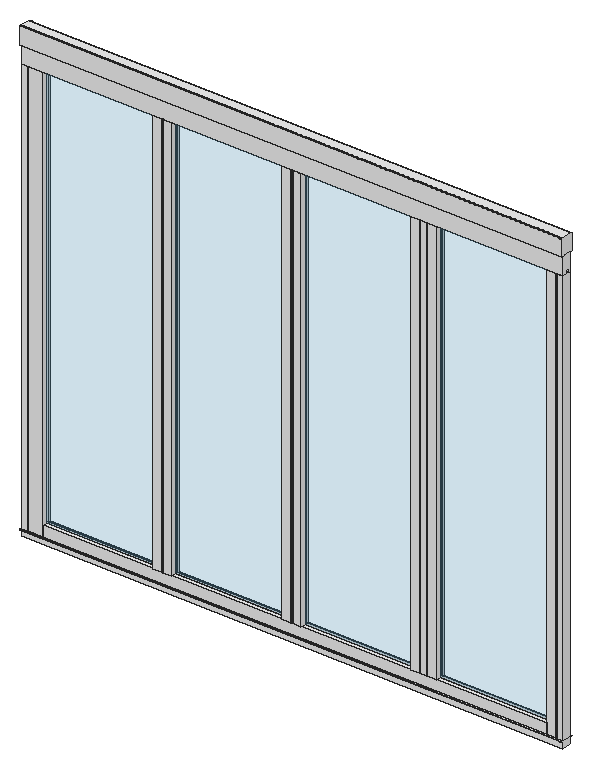
Revit family "98126", category Windows, host Wall, Revit 2018 (continued)
Definition of nested family "Sill_HSW60"
  Definition of nested family "Profile_Sill_HSW60"
    Lines and regions (in)
      model lines, in view "Ref. Level"
        curve 291: arc (0.3281, 0.99778, 0) -> (0.33145, 0.98089, 0) -> (0.3469, 0.97327, 0) r 0.01947
        curve 292: arc (0.45939, 1.04627, 0) -> (0.46489, 1.04855, 0) -> (0.46717, 1.05406, 0) r 0.00779
        curve 293: arc (0.46717, 1.20394, 0) -> (0.46489, 1.20945, 0) -> (0.45939, 1.21173, 0) r 0.00779
        curve 294: arc (0.36984, 1.26574, 0) -> (0.35559, 1.25149, 0) -> (0.35038, 1.23203, 0) r 0.03893
        curve 295: arc (0.35038, 1.76566, 0) -> (0.35559, 1.74619, 0) -> (0.36984, 1.73194, 0) r 0.03893
        curve 296: arc (0.45939, 1.78596, 0) -> (0.46489, 1.78824, 0) -> (0.46717, 1.79374, 0) r 0.00779
        curve 297: arc (0.46717, 1.94363, 0) -> (0.46489, 1.94913, 0) -> (0.45939, 1.95142, 0) r 0.00779
        curve 298: arc (0.3469, 2.02441, 0) -> (0.33145, 2.0168, 0) -> (0.3281, 1.99991, 0) r 0.01947
        curve 299: arc (0.88309, 1.98232, 0) -> (0.85876, 2.01288, 0) -> (0.82144, 2.02441, 0) r 0.06618
        curve 300: arc (0.83312, 0.88373, 0) -> (0.77197, 0.99636, 0) -> (0.65193, 1.04124, 0) r 0.18298
        curve 301: arc (0.82144, 1.77136, 0) -> (0.85223, 1.69703, 0) -> (0.92656, 1.66625, 0) r 0.10511
        curve 302: arc (0.39501, -0.31715, 0) -> (0.3887, -0.31293, 0) -> (0.38125, -0.31145, 0) r 0.01947
        curve 303: arc (-0.38125, -0.31145, 0) -> (-0.3887, -0.31293, 0) -> (-0.39501, -0.31715, 0) r 0.01947
        curve 304: arc (0.56616, -0.18679, 0) -> (0.56765, -0.20528, 0) -> (0.58396, -0.21412, 0) r 0.01947
        curve 305: arc (0.6229, 0.03893, 0) -> (0.61719, 0.0527, 0) -> (0.60343, 0.0584, 0) r 0.01947
        curve 306: arc (-0.60343, 0.0584, 0) -> (-0.61719, 0.0527, 0) -> (-0.6229, 0.03893, 0) r 0.01947
        curve 307: arc (-0.58396, -0.21412, 0) -> (-0.56765, -0.20528, 0) -> (-0.56616, -0.18679, 0) r 0.01947
        curve 308: arc (-0.60343, -0.21412, 0) -> (-0.61719, -0.21982, 0) -> (-0.6229, -0.23359, 0) r 0.01947
        curve 309: arc (-0.6229, -0.36984, 0) -> (-0.61719, -0.38361, 0) -> (-0.60343, -0.38931, 0) r 0.01947
        curve 310: arc (-0.47523, -0.38931, 0) -> (-0.46779, -0.38783, 0) -> (-0.46147, -0.38361, 0) r 0.01947
        curve 311: arc (0.46147, -0.38361, 0) -> (0.46779, -0.38783, 0) -> (0.47523, -0.38931, 0) r 0.01947
        curve 312: arc (0.6229, -0.23359, 0) -> (0.61719, -0.21982, 0) -> (0.60343, -0.21412, 0) r 0.01947
        curve 313: arc (0.60343, -0.38931, 0) -> (0.61719, -0.38361, 0) -> (0.6229, -0.36984, 0) r 0.01947
        curve 314: line (-0.26128, 0.97327, 0) -> (0.26128, 0.97327, 0)
        curve 315: line (0.26128, 0.97327, 0) -> (-0.26128, 0.97327, 0)
        curve 316: line (0.20733, 1.04432, 0) -> (-0.20733, 1.04432, 0)
        curve 317: line (-0.20733, 1.04432, 0) -> (0.20733, 1.04432, 0)
        curve 318: line (0.3625, 1.09007, 0) -> (0.43836, 1.04627, 0)
        curve 319: line (0.43836, 1.04627, 0) -> (0.45939, 1.04627, 0)
        curve 320: line (0.45939, 1.04627, 0) -> (0.43836, 1.04627, 0)
        curve 321: line (0.43836, 1.04627, 0) -> (0.3625, 1.09007, 0)
        curve 322: line (0.35287, 1.09007, 0) -> (0.3625, 1.09007, 0)
        curve 323: line (0.3625, 1.09007, 0) -> (0.35287, 1.09007, 0)
        curve 324: line (0.35287, 1.09007, 0) -> (0.3281, 0.99779, 0)
        curve 325: line (0.3281, 0.99778, 0) -> (0.35282, 1.09007, 0)
        curve 326: line (0.35282, 1.09007, 0) -> (0.3625, 1.09007, 0)
        curve 327: line (0.3625, 1.09007, 0) -> (0.43836, 1.04627, 0)
        curve 328: line (0.43836, 1.04627, 0) -> (0.45939, 1.04627, 0)
        curve 329: line (-0.33601, 1.08033, 0) -> (-0.27814, 0.98301, 0)
        curve 330: line (-0.27814, 0.98301, 0) -> (-0.33601, 1.08033, 0)
        curve 331: line (-0.46717, 1.20394, 0) -> (-0.46717, 1.05406, 0)
        curve 332: line (-0.46717, 1.05406, 0) -> (-0.46717, 1.20394, 0)
        curve 333: line (0.43836, 1.21173, 0) -> (0.3625, 1.16793, 0)
        curve 334: line (0.3625, 1.16793, 0) -> (0.32365, 1.16793, 0)
        curve 335: line (0.32365, 1.16793, 0) -> (0.3625, 1.16793, 0)
        curve 336: line (0.3625, 1.16793, 0) -> (0.43836, 1.21173, 0)
        curve 337: line (-0.24105, 1.06379, 0) -> (-0.28994, 1.14846, 0)
        curve 338: line (-0.28994, 1.14846, 0) -> (-0.24105, 1.06379, 0)
        curve 339: line (0.46717, 1.05406, 0) -> (0.46717, 1.20394, 0)
        curve 340: line (0.46717, 1.20394, 0) -> (0.46717, 1.05406, 0)
        curve 341: line (0.46717, 1.05406, 0) -> (0.46717, 1.20394, 0)
        curve 342: line (0.28994, 1.14846, 0) -> (0.24105, 1.06379, 0)
        curve 343: line (0.24105, 1.06379, 0) -> (0.28994, 1.14846, 0)
        curve 344: line (0.27814, 0.98301, 0) -> (0.33601, 1.08033, 0)
        curve 345: line (0.33601, 1.08033, 0) -> (0.27814, 0.98301, 0)
        curve 346: line (0.82534, 0.46717, 0) -> (0.86427, 0.46717, 0)
        curve 347: line (0.86427, 0.46717, 0) -> (0.82534, 0.46717, 0)
        curve 348: line (0.82534, 0.55671, 0) -> (0.82534, 0.5061, 0)
        curve 349: line (0.82534, 0.5061, 0) -> (0.82534, 0.55671, 0)
        curve 350: line (0.82534, 0.55671, 0) -> (0.87011, 0.55671, 0)
        curve 351: line (0.87011, 0.55671, 0) -> (0.87011, 0.57618, 0)
        curve 352: line (0.87011, 0.57618, 0) -> (0.87011, 0.55671, 0)
        curve 353: line (0.87011, 0.55671, 0) -> (0.82534, 0.55671, 0)
        curve 354: line (0.82534, 0.55671, 0) -> (0.82534, 0.5061, 0)
        curve 355: line (0.82534, 0.5061, 0) -> (0.88373, 0.5061, 0)
        curve 356: line (0.88373, 0.5061, 0) -> (0.88373, 0.48664, 0)
        curve 357: line (0.88373, 0.48664, 0) -> (0.88373, 0.5061, 0)
        curve 358: line (0.88373, 0.5061, 0) -> (0.82534, 0.5061, 0)
        curve 359: line (0.82534, 0.5061, 0) -> (1.11732, 0.5061, 0)
        curve 360: line (1.11732, 0.5061, 0) -> (1.11732, 0.55671, 0)
        curve 361: line (1.11732, 0.55671, 0) -> (1.07255, 0.55671, 0)
        curve 362: line (1.07255, 0.55671, 0) -> (1.07255, 0.57618, 0)
        curve 363: line (1.07255, 0.57618, 0) -> (1.07255, 0.55671, 0)
        curve 364: line (1.07255, 0.55671, 0) -> (1.11732, 0.55671, 0)
        curve 365: line (1.11732, 0.55671, 0) -> (1.11732, 0.5061, 0)
        curve 366: line (1.11732, 0.5061, 0) -> (1.05892, 0.5061, 0)
        curve 367: line (1.05892, 0.5061, 0) -> (1.05892, 0.48664, 0)
        curve 368: line (1.05892, 0.48664, 0) -> (1.05892, 0.5061, 0)
        curve 369: line (1.05892, 0.5061, 0) -> (1.11732, 0.5061, 0)
        curve 370: line (1.11732, 0.5061, 0) -> (1.11732, 0.55671, 0)
        curve 371: line (1.11732, 0.55671, 0) -> (0.82534, 0.55671, 0)
        curve 372: line (1.09785, 0.66183, 0) -> (0.82534, 0.66183, 0)
        curve 373: line (0.82534, 0.66183, 0) -> (0.82534, 0.59564, 0)
        curve 374: line (0.82534, 0.59564, 0) -> (0.85064, 0.59564, 0)
        curve 375: line (0.85064, 0.59564, 0) -> (0.82534, 0.59564, 0)
        curve 376: line (0.82534, 0.59564, 0) -> (0.82534, 0.66183, 0)
        curve 377: line (0.82534, 0.66183, 0) -> (1.09785, 0.66183, 0)
        curve 378: line (1.09785, 0.66183, 0) -> (1.09785, 0.59564, 0)
        curve 379: line (1.09785, 0.59564, 0) -> (1.09785, 0.66183, 0)
        curve 380: line (1.08617, 1.66625, 0) -> (1.08617, 0.72801, 0)
        curve 381: line (1.08617, 0.72801, 0) -> (0.83312, 0.72801, 0)
        curve 382: line (0.83312, 0.72801, 0) -> (0.83312, 0.80587, 0)
        curve 383: line (0.83312, 0.80587, 0) -> (0.85259, 0.80587, 0)
        curve 384: line (0.85259, 0.80587, 0) -> (0.85259, 0.88373, 0)
        curve 385: line (0.85259, 0.88373, 0) -> (0.83312, 0.88373, 0)
        curve 386: line (0.3469, 0.97327, 0) -> (0.65193, 0.97327, 0)
        curve 387: line (0.65193, 0.97327, 0) -> (0.3469, 0.97327, 0)
        curve 388: line (0.83312, 0.88373, 0) -> (0.85259, 0.88373, 0)
        curve 389: line (0.85259, 0.88373, 0) -> (0.85259, 0.80587, 0)
        curve 390: line (0.85259, 0.80587, 0) -> (0.83312, 0.80587, 0)
        curve 391: line (0.83312, 0.80587, 0) -> (0.83312, 0.72801, 0)
        curve 392: line (0.83312, 0.72801, 0) -> (1.08617, 0.72801, 0)
        curve 393: line (1.08617, 0.72801, 0) -> (1.08617, 1.66625, 0)
        curve 394: line (1.08617, 1.66625, 0) -> (0.92656, 1.66625, 0)
        curve 395: line (0.92656, 1.66625, 0) -> (1.08617, 1.66625, 0)
        curve 396: line (1.08617, 1.66625, 0) -> (1.08617, 0.72801, 0)
        curve 397: line (0.98787, 1.73243, 0) -> (0.92656, 1.73243, 0)
        curve 398: line (0.92656, 1.73243, 0) -> (0.98787, 1.73243, 0)
        curve 399: line (0.88763, 1.77136, 0) -> (0.88763, 1.81808, 0)
        curve 400: line (0.88763, 1.81808, 0) -> (0.91877, 1.81808, 0)
        curve 401: line (0.91877, 1.81808, 0) -> (0.88763, 1.81808, 0)
        curve 402: line (0.88763, 1.81808, 0) -> (0.88763, 1.77136, 0)
        curve 403: line (0.54503, 1.95823, 0) -> (0.82144, 1.95823, 0)
        curve 404: line (0.82144, 1.95823, 0) -> (0.82144, 1.77136, 0)
        curve 405: line (0.82144, 1.77136, 0) -> (0.82144, 1.95823, 0)
        curve 406: line (0.82144, 1.95823, 0) -> (0.54503, 1.95823, 0)
        curve 407: line (0.54503, 1.95823, 0) -> (0.54503, 1.04124, 0)
        curve 408: line (0.54503, 1.04124, 0) -> (0.65193, 1.04124, 0)
        curve 409: line (0.65193, 1.04124, 0) -> (0.54503, 1.04124, 0)
        curve 410: line (0.54503, 1.04124, 0) -> (0.54503, 1.95823, 0)
        curve 411: line (0.36984, 1.73194, 0) -> (0.46717, 1.67575, 0)
        curve 412: line (0.46717, 1.67575, 0) -> (0.46717, 1.32193, 0)
        curve 413: line (0.46717, 1.32193, 0) -> (0.36984, 1.26574, 0)
        curve 414: line (0.36984, 1.26574, 0) -> (0.46717, 1.32193, 0)
        curve 415: line (0.46717, 1.32193, 0) -> (0.46717, 1.67575, 0)
        curve 416: line (0.46717, 1.67575, 0) -> (0.36984, 1.73194, 0)
        curve 417: line (0.45939, 1.21173, 0) -> (0.43836, 1.21173, 0)
        curve 418: line (0.43836, 1.21173, 0) -> (0.45939, 1.21173, 0)
        curve 419: line (0.45939, 1.21173, 0) -> (0.43836, 1.21173, 0)
        curve 420: line (0.43836, 1.21173, 0) -> (0.3625, 1.16793, 0)
        curve 421: line (0.3625, 1.16793, 0) -> (0.35038, 1.16793, 0)
        curve 422: line (0.35038, 1.16793, 0) -> (0.35038, 1.23203, 0)
        curve 423: line (0.35038, 1.23203, 0) -> (0.35038, 1.16793, 0)
        curve 424: line (0.82144, 2.02441, 0) -> (0.3469, 2.02441, 0)
        curve 425: line (0.3469, 2.02441, 0) -> (0.82144, 2.02441, 0)
        curve 426: line (0.76694, 0.85826, 0) -> (0.76694, 0.59564, 0)
        curve 427: line (0.76694, 0.59564, 0) -> (0.78722, 0.49817, 0)
        curve 428: line (0.78722, 0.49817, 0) -> (0.76694, 0.59564, 0)
        curve 429: line (0.76694, 0.59564, 0) -> (0.76694, 0.85826, 0)
        curve 430: line (0.9369, 1.84463, 0) -> (0.88309, 1.98232, 0)
        curve 431: line (0.88309, 1.98232, 0) -> (0.9369, 1.84463, 0)
        curve 432: line (1.09007, 2.00495, 0) -> (1.09007, 1.90372, 0)
        curve 433: line (1.09007, 1.90372, 0) -> (1.09007, 2.00495, 0)
        curve 434: line (-0.82534, 0.46717, 0) -> (-0.86427, 0.46717, 0)
        curve 435: line (-1.05892, 0.48664, 0) -> (-1.05892, 0.5061, 0)
        curve 436: line (-1.05892, 0.5061, 0) -> (-1.11732, 0.5061, 0)
        curve 437: line (-1.11732, 0.5061, 0) -> (-1.11732, 0.55671, 0)
        curve 438: line (-1.11732, 0.55671, 0) -> (-1.07255, 0.55671, 0)
        curve 439: line (-1.07255, 0.55671, 0) -> (-1.07255, 0.57618, 0)
        curve 440: line (-0.99274, 2.41372, 0) -> (-1.01999, 2.41372, 0)
        curve 441: line (-1.01999, 2.41372, 0) -> (-1.01999, 2.37479, 0)
        curve 442: line (-1.01999, 2.37479, 0) -> (-1.09785, 2.37479, 0)
        curve 443: line (-1.09785, 2.37479, 0) -> (-1.09785, 2.72906, 0)
        curve 444: line (-1.09785, 2.72906, 0) -> (-1.01999, 2.72906, 0)
        curve 445: line (-1.01999, 2.72906, 0) -> (-1.07366, 2.67539, 0)
        curve 446: line (-0.98106, 2.78746, 0) -> (-0.98106, 2.70181, 0)
        curve 447: line (-0.98106, 2.40204, 0) -> (-0.98106, 2.35922, 0)
        curve 448: line (-1.09785, 0.59564, 0) -> (-1.09785, 0.66183, 0)
        curve 449: line (-1.09785, 0.66183, 0) -> (-0.82534, 0.66183, 0)
        curve 450: line (-0.82534, 0.66183, 0) -> (-0.82534, 0.59564, 0)
        curve 451: line (-0.82534, 0.59564, 0) -> (-0.85064, 0.59564, 0)
        curve 452: line (-0.65015, 1.03946, 0) -> (-0.54503, 1.03946, 0)
        curve 453: line (-0.54503, 1.03946, 0) -> (-0.54503, 1.95823, 0)
        curve 454: line (-0.54503, 1.95823, 0) -> (-0.82923, 1.95823, 0)
        curve 455: line (-0.82923, 1.95823, 0) -> (-0.96393, 1.88037, 0)
        curve 456: line (-0.96393, 1.88037, 0) -> (-1.08617, 1.88037, 0)
        curve 457: line (-1.08617, 1.88037, 0) -> (-1.08617, 0.72801, 0)
        curve 458: line (-1.08617, 0.72801, 0) -> (-0.83312, 0.72801, 0)
        curve 459: line (-0.83312, 0.72801, 0) -> (-0.83312, 0.80587, 0)
        curve 460: line (-0.83312, 0.80587, 0) -> (-0.85259, 0.80587, 0)
        curve 461: line (-0.85259, 0.80587, 0) -> (-0.85259, 0.88373, 0)
        curve 462: line (-0.85259, 0.88373, 0) -> (-0.83108, 0.88373, 0)
        curve 463: line (-0.76694, 0.85648, 0) -> (-0.76694, 0.59564, 0)
        curve 464: line (-0.76694, 0.59564, 0) -> (-0.78722, 0.49817, 0)
        curve 465: line (-1.01999, 2.32029, 0) -> (-1.08617, 2.32029, 0)
        curve 466: line (-1.08617, 2.32029, 0) -> (-1.08617, 1.94655, 0)
        curve 467: line (-1.08617, 1.94655, 0) -> (-0.98168, 1.94655, 0)
        curve 468: line (-0.98168, 1.94655, 0) -> (-0.86235, 2.01553, 0)
        curve 469: line (-0.3469, 0.97327, 0) -> (-0.65015, 0.97327, 0)
        curve 470: line (-0.36984, 1.73194, 0) -> (-0.46717, 1.67575, 0)
        curve 471: line (-0.46717, 1.67575, 0) -> (-0.46717, 1.32193, 0)
        curve 472: line (-0.46717, 1.32193, 0) -> (-0.36984, 1.26574, 0)
        curve 473: line (-0.35038, 1.82976, 0) -> (-0.35038, 1.76566, 0)
        curve 474: line (-0.35038, 1.23203, 0) -> (-0.35038, 1.16793, 0)
        curve 475: line (-0.3281, 1.99991, 0) -> (-0.35282, 1.90762, 0)
        curve 476: line (-0.35282, 1.90762, 0) -> (-0.3625, 1.90762, 0)
        curve 477: line (-0.3625, 1.90762, 0) -> (-0.35282, 1.90762, 0)
        curve 478: line (-0.82923, 2.02441, 0) -> (-0.3469, 2.02441, 0)
        curve 479: line (-0.46717, 1.79374, 0) -> (-0.46717, 1.94363, 0)
        curve 480: line (-0.46717, 1.94363, 0) -> (-0.46717, 1.79374, 0)
        curve 481: line (-0.33601, 1.91735, 0) -> (-0.27814, 2.01468, 0)
        curve 482: line (-0.27814, 2.01468, 0) -> (-0.33601, 1.91735, 0)
        curve 483: line (-0.24105, 1.9339, 0) -> (-0.28994, 1.84922, 0)
        curve 484: line (-0.28994, 1.84922, 0) -> (-0.24105, 1.9339, 0)
        curve 485: line (-0.45939, 1.95142, 0) -> (-0.43836, 1.95142, 0)
        curve 486: line (-0.43836, 1.95142, 0) -> (-0.3625, 1.90762, 0)
        curve 487: line (-0.3625, 1.90762, 0) -> (-0.43836, 1.95142, 0)
        curve 488: line (-0.43836, 1.95142, 0) -> (-0.45939, 1.95142, 0)
        curve 489: line (0.35038, 1.82976, 0) -> (0.35038, 1.76566, 0)
        curve 490: line (0.35038, 1.76566, 0) -> (0.35038, 1.82976, 0)
        curve 491: line (0.35038, 1.82976, 0) -> (0.3625, 1.82976, 0)
        curve 492: line (0.3625, 1.82976, 0) -> (0.43836, 1.78596, 0)
        curve 493: line (0.43836, 1.78596, 0) -> (0.45939, 1.78596, 0)
        curve 494: line (0.45939, 1.78596, 0) -> (0.43836, 1.78596, 0)
        curve 495: line (0.43836, 1.78596, 0) -> (0.45939, 1.78596, 0)
        curve 496: line (0.43836, 1.78596, 0) -> (0.3625, 1.82976, 0)
        curve 497: line (0.3625, 1.82976, 0) -> (0.32365, 1.82976, 0)
        curve 498: line (0.32365, 1.82976, 0) -> (0.3625, 1.82976, 0)
        curve 499: line (0.3625, 1.82976, 0) -> (0.43836, 1.78596, 0)
        curve 500: line (0.20733, 1.95336, 0) -> (-0.20733, 1.95336, 0)
        curve 501: line (-0.20733, 1.95336, 0) -> (0.20733, 1.95336, 0)
        curve 502: line (-0.26128, 2.02441, 0) -> (0.26128, 2.02441, 0)
        curve 503: line (0.26128, 2.02441, 0) -> (-0.26128, 2.02441, 0)
        curve 504: line (0.28994, 1.84922, 0) -> (0.24105, 1.9339, 0)
        curve 505: line (0.24105, 1.9339, 0) -> (0.28994, 1.84922, 0)
        curve 506: line (0.27814, 2.01468, 0) -> (0.33601, 1.91735, 0)
        curve 507: line (0.33601, 1.91735, 0) -> (0.27814, 2.01468, 0)
        curve 508: line (0.46717, 1.79374, 0) -> (0.46717, 1.94363, 0)
        curve 509: line (0.46717, 1.94363, 0) -> (0.46717, 1.79374, 0)
        curve 510: line (0.46717, 1.79374, 0) -> (0.46717, 1.94363, 0)
        curve 511: line (0.98846, 0.5061, 0) -> (1.00341, 0.07786, 0)
        curve 512: line (1.02272, 0.5061, 0) -> (1.03767, 0.07786, 0)
        curve 513: line (1.05698, 0.5061, 0) -> (1.07193, 0.07786, 0)
        curve 514: line (0.97133, 0.5061, 0) -> (0.97133, 0.07786, 0)
        curve 515: line (0.88568, 0.5061, 0) -> (0.87073, 0.07786, 0)
        curve 516: line (0.91994, 0.5061, 0) -> (0.90498, 0.07786, 0)
        curve 517: line (0.9542, 0.5061, 0) -> (0.93924, 0.07786, 0)
        curve 518: line (-0.98846, 0.5061, 0) -> (-1.00341, 0.07786, 0)
        curve 519: line (-1.02272, 0.5061, 0) -> (-1.03767, 0.07786, 0)
        curve 520: line (-1.05698, 0.5061, 0) -> (-1.07193, 0.07786, 0)
        curve 521: line (-0.97133, 0.5061, 0) -> (-0.97133, 0.07786, 0)
        curve 522: line (-0.88568, 0.5061, 0) -> (-0.87073, 0.07786, 0)
        curve 523: line (-0.91994, 0.5061, 0) -> (-0.90498, 0.07786, 0)
        curve 524: line (-0.9542, 0.5061, 0) -> (-0.93924, 0.07786, 0)
        curve 525: line (-0.88373, 0.48664, 0) -> (-0.88373, 0.5061, 0)
        curve 526: line (-0.88373, 0.5061, 0) -> (-0.82534, 0.5061, 0)
        curve 527: line (-0.82534, 0.5061, 0) -> (-1.11732, 0.5061, 0)
        curve 528: line (-1.11732, 0.5061, 0) -> (-1.11732, 0.55671, 0)
        curve 529: line (-1.11732, 0.55671, 0) -> (-0.82534, 0.55671, 0)
        curve 530: line (-0.82534, 0.55671, 0) -> (-0.82534, 0.5061, 0)
        curve 531: line (-0.82534, 0.5061, 0) -> (-0.82534, 0.55671, 0)
        curve 532: line (-0.82534, 0.55671, 0) -> (-0.87011, 0.55671, 0)
        curve 533: line (-0.87011, 0.55671, 0) -> (-0.87011, 0.57618, 0)
        curve 534: line (0.31707, -0.92481, 0) -> (0.37494, -1.02505, 0)
        curve 535: line (0.37494, -1.02505, 0) -> (0.31707, -0.92481, 0)
        curve 536: line (-0.30021, -0.91507, 0) -> (0.30021, -0.91507, 0)
        curve 537: line (0.30021, -0.91507, 0) -> (-0.30021, -0.91507, 0)
        curve 538: line (-0.37494, -1.02505, 0) -> (-0.31707, -0.92481, 0)
        curve 539: line (-0.31707, -0.92481, 0) -> (-0.37494, -1.02505, 0)
        curve 540: line (-0.49832, -0.99099, 0) -> (-0.47729, -0.99099, 0)
        curve 541: line (-0.47729, -0.99099, 0) -> (-0.40258, -1.03413, 0)
        curve 542: line (-0.40143, -1.03479, 0) -> (-0.39259, -1.03479, 0)
        curve 543: line (-0.39259, -1.03479, 0) -> (-0.40143, -1.03479, 0)
        curve 544: line (-0.40258, -1.03413, 0) -> (-0.47729, -0.99099, 0)
        curve 545: line (-0.47729, -0.99099, 0) -> (-0.49832, -0.99099, 0)
        curve 546: line (-0.5061, -1.14866, 0) -> (-0.5061, -0.99877, 0)
        curve 547: line (-0.5061, -0.99877, 0) -> (-0.5061, -1.14866, 0)
        curve 548: line (-0.36258, -1.11265, 0) -> (-0.38931, -1.11265, 0)
        curve 549: line (-0.38931, -1.11265, 0) -> (-0.40143, -1.11265, 0)
        curve 550: line (-0.40258, -1.11331, 0) -> (-0.47729, -1.15644, 0)
        curve 551: line (-0.47729, -1.15644, 0) -> (-0.49832, -1.15644, 0)
        curve 552: line (-0.49832, -1.15644, 0) -> (-0.47729, -1.15644, 0)
        curve 553: line (-0.47729, -1.15644, 0) -> (-0.40258, -1.11331, 0)
        curve 554: line (-0.40143, -1.11265, 0) -> (-0.38931, -1.11265, 0)
        curve 555: line (-0.38931, -1.11265, 0) -> (-0.36258, -1.11265, 0)
        curve 556: line (-0.27773, -1.00461, 0) -> (-0.32887, -1.09318, 0)
        curve 557: line (-0.32887, -1.09318, 0) -> (-0.27773, -1.00461, 0)
        curve 558: line (-0.24402, -0.98515, 0) -> (0.24402, -0.98515, 0)
        curve 559: line (0.32887, -1.09318, 0) -> (0.27773, -1.00461, 0)
        curve 560: line (0.27773, -1.00461, 0) -> (0.32887, -1.09318, 0)
        curve 561: line (0.49832, -1.15644, 0) -> (0.47729, -1.15644, 0)
        curve 562: line (0.47729, -1.15644, 0) -> (0.40258, -1.11331, 0)
        curve 563: line (0.40143, -1.11265, 0) -> (0.38931, -1.11265, 0)
        curve 564: line (0.38931, -1.11265, 0) -> (0.36258, -1.11265, 0)
        curve 565: line (0.36258, -1.11265, 0) -> (0.38931, -1.11265, 0)
        curve 566: line (0.38931, -1.11265, 0) -> (0.40143, -1.11265, 0)
        curve 567: line (0.40258, -1.11331, 0) -> (0.47729, -1.15644, 0)
        curve 568: line (0.47729, -1.15644, 0) -> (0.49832, -1.15644, 0)
        curve 569: line (0.5061, -0.99877, 0) -> (0.5061, -1.14866, 0)
        curve 570: line (0.5061, -1.14866, 0) -> (0.5061, -0.99877, 0)
        curve 571: line (0.39259, -1.03479, 0) -> (0.40143, -1.03479, 0)
        curve 572: line (0.40258, -1.03413, 0) -> (0.47729, -0.99099, 0)
        curve 573: line (0.47729, -0.99099, 0) -> (0.49832, -0.99099, 0)
        curve 574: line (0.49832, -0.99099, 0) -> (0.47729, -0.99099, 0)
        curve 575: line (0.47729, -0.99099, 0) -> (0.40258, -1.03413, 0)
        curve 576: line (0.40143, -1.03479, 0) -> (0.39259, -1.03479, 0)
        curve 577: line (0.49832, -1.64464, 0) -> (0.47729, -1.64464, 0)
        curve 578: line (0.47729, -1.64464, 0) -> (0.40258, -1.6015, 0)
        curve 579: line (0.40143, -1.60084, 0) -> (0.3918, -1.60084, 0)
        curve 580: line (0.3918, -1.60084, 0) -> (0.40143, -1.60084, 0)
        curve 581: line (0.40258, -1.6015, 0) -> (0.47729, -1.64464, 0)
        curve 582: line (0.47729, -1.64464, 0) -> (0.49832, -1.64464, 0)
        curve 583: line (0.5061, -1.48697, 0) -> (0.5061, -1.63685, 0)
        curve 584: line (0.5061, -1.63685, 0) -> (0.5061, -1.48697, 0)
        curve 585: line (0.36258, -1.52298, 0) -> (0.38931, -1.52298, 0)
        curve 586: line (0.38931, -1.52298, 0) -> (0.40143, -1.52298, 0)
        curve 587: line (0.40258, -1.52232, 0) -> (0.47729, -1.47918, 0)
        curve 588: line (0.47729, -1.47918, 0) -> (0.49832, -1.47918, 0)
        curve 589: line (0.49832, -1.47918, 0) -> (0.47729, -1.47918, 0)
        curve 590: line (0.47729, -1.47918, 0) -> (0.40258, -1.52232, 0)
        curve 591: line (0.40143, -1.52298, 0) -> (0.38931, -1.52298, 0)
        curve 592: line (0.38931, -1.52298, 0) -> (0.36258, -1.52298, 0)
        curve 593: line (0.27773, -1.63101, 0) -> (0.32887, -1.54245, 0)
        curve 594: line (0.32887, -1.54245, 0) -> (0.27773, -1.63101, 0)
        curve 595: line (-0.24402, -1.65048, 0) -> (0.24402, -1.65048, 0)
        curve 596: line (0.24402, -1.65048, 0) -> (-0.24402, -1.65048, 0)
        curve 597: line (-0.32887, -1.54245, 0) -> (-0.27773, -1.63101, 0)
        curve 598: line (-0.27773, -1.63101, 0) -> (-0.32887, -1.54245, 0)
        curve 599: line (-0.49832, -1.47918, 0) -> (-0.47729, -1.47918, 0)
        curve 600: line (-0.47729, -1.47918, 0) -> (-0.40258, -1.52232, 0)
        curve 601: line (-0.40143, -1.52298, 0) -> (-0.38931, -1.52298, 0)
        curve 602: line (-0.38931, -1.52298, 0) -> (-0.36258, -1.52298, 0)
        curve 603: line (-0.36258, -1.52298, 0) -> (-0.38931, -1.52298, 0)
        curve 604: line (-0.38931, -1.52298, 0) -> (-0.40143, -1.52298, 0)
        curve 605: line (-0.40258, -1.52232, 0) -> (-0.47729, -1.47918, 0)
        curve 606: line (-0.47729, -1.47918, 0) -> (-0.49832, -1.47918, 0)
        curve 607: line (-0.5061, -1.63685, 0) -> (-0.5061, -1.48697, 0)
        curve 608: line (-0.5061, -1.48697, 0) -> (-0.5061, -1.63685, 0)
        curve 609: line (-0.3918, -1.60084, 0) -> (-0.40143, -1.60084, 0)
        curve 610: line (-0.40258, -1.6015, 0) -> (-0.47729, -1.64464, 0)
        curve 611: line (-0.47729, -1.64464, 0) -> (-0.49832, -1.64464, 0)
        curve 612: line (-0.49832, -1.64464, 0) -> (-0.47729, -1.64464, 0)
        curve 613: line (-0.47729, -1.64464, 0) -> (-0.40258, -1.6015, 0)
        curve 614: line (-0.40143, -1.60084, 0) -> (-0.3918, -1.60084, 0)
        curve 615: line (-0.31707, -1.71082, 0) -> (-0.37494, -1.61057, 0)
        curve 616: line (-0.37494, -1.61057, 0) -> (-0.31707, -1.71082, 0)
        curve 617: line (0.30021, -1.72055, 0) -> (-0.30021, -1.72055, 0)
        curve 618: line (-0.30021, -1.72055, 0) -> (0.30021, -1.72055, 0)
        curve 619: line (0.37494, -1.61057, 0) -> (0.31707, -1.71082, 0)
        curve 620: line (0.31707, -1.71082, 0) -> (0.37494, -1.61057, 0)
        curve 621: line (0.67795, -0.96993, 0) -> (0.73371, -0.91418, 0)
        curve 622: line (0.76694, -0.92794, 0) -> (0.76694, -1.17377, 0)
        curve 623: line (0.76694, -1.17377, 0) -> (0.58396, -1.17377, 0)
        curve 624: line (0.58396, -1.17377, 0) -> (0.58396, -0.99274, 0)
        curve 625: line (0.58396, -0.99274, 0) -> (0.6229, -0.99274, 0)
        curve 626: line (0.94454, 0, 0) -> (1.07839, 0, 0)
        curve 627: line (1.07839, 0, 0) -> (1.07839, -0.23164, 0)
        curve 628: line (1.07839, -0.23164, 0) -> (0.83702, -0.23164, 0)
        curve 629: line (0.76694, -0.30172, 0) -> (0.76694, -0.38931, 0)
        curve 630: line (0.76694, -0.38931, 0) -> (0.70076, -0.38931, 0)
        curve 631: line (0.70076, -0.38931, 0) -> (0.70076, -0.15572, 0)
        curve 632: line (0.70076, -0.15572, 0) -> (0.75176, -0.15572, 0)
        curve 633: line (0.75176, -0.15572, 0) -> (0.75851, -0.14403, 0)
        curve 634: line (0.83766, -0.14403, 0) -> (0.84441, -0.15572, 0)
        curve 635: line (0.84441, -0.15572, 0) -> (0.88941, -0.15572, 0)
        curve 636: line (0.75851, -1.33535, 0) -> (0.75176, -1.32365, 0)
        curve 637: line (0.75176, -1.32365, 0) -> (0.70676, -1.32365, 0)
        curve 638: line (0.65498, -1.48716, 0) -> (0.58396, -1.48716, 0)
        curve 639: line (0.58396, -1.48716, 0) -> (0.58396, -1.24384, 0)
        curve 640: line (0.58396, -1.24384, 0) -> (1.07839, -1.24384, 0)
        curve 641: line (1.07839, -1.24384, 0) -> (1.07839, -1.48716, 0)
        curve 642: line (1.07839, -1.48716, 0) -> (0.94119, -1.48716, 0)
        curve 643: line (0.88941, -1.32365, 0) -> (0.84441, -1.32365, 0)
        curve 644: line (0.84441, -1.32365, 0) -> (0.83766, -1.33535, 0)
        curve 645: line (0.38583, -0.91488, 0) -> (0.6229, -0.91488, 0)
        curve 646: line (0.6229, -0.91488, 0) -> (0.66365, -0.87413, 0)
        curve 647: line (0.66365, -0.87413, 0) -> (0.68621, -0.86808, 0)
        curve 648: line (0.68621, -0.86808, 0) -> (0.69226, -0.84552, 0)
        curve 649: line (0.69226, -0.84552, 0) -> (0.72022, -0.81755, 0)
        curve 650: line (0.72022, -0.81755, 0) -> (0.72022, -0.48664, 0)
        curve 651: line (0.72022, -0.48664, 0) -> (0.5061, -0.48664, 0)
        curve 652: line (0.5061, -0.48664, 0) -> (0.5061, -0.38931, 0)
        curve 653: line (0.5061, -0.38931, 0) -> (0.6229, -0.38931, 0)
        curve 654: line (0.6229, -0.38931, 0) -> (0.6229, -0.19465, 0)
        curve 655: line (0.6229, -0.19465, 0) -> (0.60343, -0.19465, 0)
        curve 656: line (0.58546, -0.1677, 0) -> (0.6229, -0.07786, 0)
        curve 657: line (0.6229, -0.07786, 0) -> (0.6229, 0.0584, 0)
        curve 658: line (0.64236, 0.07786, 0) -> (0.70076, 0.07786, 0)
        curve 659: line (0.70076, 0.07786, 0) -> (0.70854, 0.07008, 0)
        curve 660: line (0.70854, 0.07008, 0) -> (0.77083, 0.07008, 0)
        curve 661: line (0.77083, 0.07008, 0) -> (0.77862, 0.07786, 0)
        curve 662: line (0.77862, 0.07786, 0) -> (0.85648, 0.07786, 0)
        curve 663: line (0.85648, 0.07786, 0) -> (0.86427, 0.07008, 0)
        curve 664: line (0.86427, 0.07008, 0) -> (0.92656, 0.07008, 0)
        curve 665: line (0.92656, 0.07008, 0) -> (0.93434, 0.07786, 0)
        curve 666: line (0.93434, 0.07786, 0) -> (1.01221, 0.07786, 0)
        curve 667: line (1.01221, 0.07786, 0) -> (1.01999, 0.07008, 0)
        curve 668: line (1.01999, 0.07008, 0) -> (1.08228, 0.07008, 0)
        curve 669: line (1.08228, 0.07008, 0) -> (1.09007, 0.07786, 0)
        curve 670: line (1.09007, 0.07786, 0) -> (1.16793, 0.07786, 0)
        curve 671: line (1.16793, 0.07786, 0) -> (1.17572, 0.07008, 0)
        curve 672: line (1.17572, 0.07008, 0) -> (1.23801, 0.07008, 0)
        curve 673: line (1.23801, 0.07008, 0) -> (1.24579, 0.07786, 0)
        curve 674: line (1.24579, 0.07786, 0) -> (1.32365, 0.07786, 0)
        curve 675: line (1.32365, 0.07786, 0) -> (1.33144, 0.07008, 0)
        curve 676: line (1.33144, 0.07008, 0) -> (1.39373, 0.07008, 0)
        curve 677: line (1.39373, 0.07008, 0) -> (1.40152, 0.07786, 0)
        curve 678: line (1.40152, 0.07786, 0) -> (1.47938, 0.07786, 0)
        curve 679: line (1.47938, 0.07786, 0) -> (1.48716, 0.07008, 0)
        curve 680: line (1.48716, 0.07008, 0) -> (1.54945, 0.07008, 0)
        curve 681: line (1.54945, 0.07008, 0) -> (1.55724, 0.07786, 0)
        curve 682: line (1.55724, 0.07786, 0) -> (1.61564, 0.07786, 0)
        curve 683: line (1.61564, 0.07786, 0) -> (1.65457, 0.03893, 0)
        curve 684: line (1.65457, 0.03893, 0) -> (1.65457, 0.01947, 0)
        curve 685: line (1.6351, 0, 0) -> (1.14846, 0, 0)
        curve 686: line (1.14846, 0, 0) -> (1.14846, -0.34057, 0)
        curve 687: line (1.14846, -0.34057, 0) -> (1.09007, -0.35622, 0)
        curve 688: line (1.09007, -0.35622, 0) -> (1.09007, -0.30172, 0)
        curve 689: line (1.09007, -0.30172, 0) -> (0.83702, -0.30172, 0)
        curve 690: line (0.83702, -0.30172, 0) -> (0.83702, -0.48198, 0)
        curve 691: line (0.83702, -0.48198, 0) -> (0.82534, -0.50221, 0)
        curve 692: line (0.82534, -0.50221, 0) -> (0.83702, -0.52244, 0)
        curve 693: line (0.83702, -0.52244, 0) -> (0.83702, -0.7027, 0)
        curve 694: line (0.83702, -0.7027, 0) -> (1.09007, -0.7027, 0)
        curve 695: line (1.09007, -0.7027, 0) -> (1.09007, -0.6482, 0)
        curve 696: line (1.09007, -0.6482, 0) -> (1.14846, -0.66385, 0)
        curve 697: line (1.14846, -0.66385, 0) -> (1.14846, -0.81164, 0)
        curve 698: line (1.14846, -0.81164, 0) -> (1.09007, -0.82728, 0)
        curve 699: line (1.09007, -0.82728, 0) -> (1.09007, -0.77278, 0)
        curve 700: line (1.09007, -0.77278, 0) -> (0.83702, -0.77278, 0)
        curve 701: line (0.83702, -0.77278, 0) -> (0.83702, -0.95305, 0)
        curve 702: line (0.83702, -0.95305, 0) -> (0.82534, -0.97327, 0)
        curve 703: line (0.82534, -0.97327, 0) -> (0.83702, -0.9935, 0)
        curve 704: line (0.83702, -0.9935, 0) -> (0.83702, -1.17377, 0)
        curve 705: line (0.83702, -1.17377, 0) -> (1.09007, -1.17377, 0)
        curve 706: line (1.09007, -1.17377, 0) -> (1.09007, -1.11927, 0)
        curve 707: line (1.09007, -1.11927, 0) -> (1.14846, -1.13491, 0)
        curve 708: line (1.14846, -1.13491, 0) -> (1.14846, -1.75189, 0)
        curve 709: line (1.14846, -1.75189, 0) -> (1.00839, -1.75189, 0)
        curve 710: line (1.00839, -1.75189, 0) -> (0.99274, -1.6935, 0)
        curve 711: line (0.99274, -1.6935, 0) -> (1.07839, -1.6935, 0)
        curve 712: line (1.07839, -1.6935, 0) -> (1.07839, -1.55724, 0)
        curve 713: line (1.07839, -1.55724, 0) -> (0.81831, -1.55724, 0)
        curve 714: line (0.81831, -1.55724, 0) -> (0.79809, -1.54556, 0)
        curve 715: line (0.79809, -1.54556, 0) -> (0.77786, -1.55724, 0)
        curve 716: line (0.77786, -1.55724, 0) -> (0.58396, -1.55724, 0)
        curve 717: line (0.58396, -1.55724, 0) -> (0.58396, -1.6935, 0)
        curve 718: line (0.58396, -1.6935, 0) -> (0.60343, -1.6935, 0)
        curve 719: line (0.60343, -1.6935, 0) -> (0.58778, -1.75189, 0)
        curve 720: line (0.58778, -1.75189, 0) -> (0.52557, -1.75189, 0)
        curve 721: line (0.5061, -1.73243, 0) -> (0.5061, -1.72075, 0)
        curve 722: line (0.5061, -1.72075, 0) -> (0.38583, -1.72075, 0)
        curve 723: line (0.36703, -1.69625, 0) -> (0.39259, -1.60086, 0)
        curve 724: line (0.38931, -1.51594, 0) -> (0.38931, -1.462, 0)
        curve 725: line (0.40878, -1.42828, 0) -> (0.5061, -1.37209, 0)
        curve 726: line (0.5061, -1.37209, 0) -> (0.5061, -1.26354, 0)
        curve 727: line (0.5061, -1.26354, 0) -> (0.40878, -1.20734, 0)
        curve 728: line (0.38931, -1.17363, 0) -> (0.38931, -1.11968, 0)
        curve 729: line (0.39259, -1.03479, 0) -> (0.36703, -0.93938, 0)
        curve 730: line (-0.67795, -0.96993, 0) -> (-0.73371, -0.91418, 0)
        curve 731: line (-0.76694, -0.92794, 0) -> (-0.76694, -1.17377, 0)
        curve 732: line (-0.76694, -1.17377, 0) -> (-0.58396, -1.17377, 0)
        curve 733: line (-0.58396, -1.17377, 0) -> (-0.58396, -0.99274, 0)
        curve 734: line (-0.58396, -0.99274, 0) -> (-0.6229, -0.99274, 0)
        curve 735: line (-0.75851, -1.33535, 0) -> (-0.75176, -1.32365, 0)
        curve 736: line (-0.75176, -1.32365, 0) -> (-0.70676, -1.32365, 0)
        curve 737: line (-0.65498, -1.48716, 0) -> (-0.58396, -1.48716, 0)
        curve 738: line (-0.58396, -1.48716, 0) -> (-0.58396, -1.24384, 0)
        curve 739: line (-0.58396, -1.24384, 0) -> (-1.07839, -1.24384, 0)
        curve 740: line (-1.07839, -1.24384, 0) -> (-1.07839, -1.48716, 0)
        curve 741: line (-1.07839, -1.48716, 0) -> (-0.94119, -1.48716, 0)
        curve 742: line (-0.88941, -1.32365, 0) -> (-0.84441, -1.32365, 0)
        curve 743: line (-0.84441, -1.32365, 0) -> (-0.83766, -1.33535, 0)
        curve 744: line (-0.94454, 0, 0) -> (-1.07839, 0, 0)
        curve 745: line (-1.07839, 0, 0) -> (-1.07839, -0.23164, 0)
        curve 746: line (-1.07839, -0.23164, 0) -> (-0.83702, -0.23164, 0)
        curve 747: line (-0.76694, -0.30172, 0) -> (-0.76694, -0.38931, 0)
        curve 748: line (-0.76694, -0.38931, 0) -> (-0.70076, -0.38931, 0)
        curve 749: line (-0.70076, -0.38931, 0) -> (-0.70076, -0.15572, 0)
        curve 750: line (-0.70076, -0.15572, 0) -> (-0.75176, -0.15572, 0)
        curve 751: line (-0.75176, -0.15572, 0) -> (-0.75851, -0.14403, 0)
        curve 752: line (-0.83766, -0.14403, 0) -> (-0.84441, -0.15572, 0)
        curve 753: line (-0.84441, -0.15572, 0) -> (-0.88941, -0.15572, 0)
        curve 754: line (-0.38583, -0.91488, 0) -> (-0.6229, -0.91488, 0)
        curve 755: line (-0.6229, -0.91488, 0) -> (-0.66365, -0.87413, 0)
        curve 756: line (-0.66365, -0.87413, 0) -> (-0.68621, -0.86808, 0)
        curve 757: line (-0.68621, -0.86808, 0) -> (-0.69226, -0.84552, 0)
        curve 758: line (-0.69226, -0.84552, 0) -> (-0.72022, -0.81755, 0)
        curve 759: line (-0.72022, -0.81755, 0) -> (-0.72022, -0.48664, 0)
        curve 760: line (-0.72022, -0.48664, 0) -> (-0.5061, -0.48664, 0)
        curve 761: line (-0.5061, -0.48664, 0) -> (-0.5061, -0.38931, 0)
        curve 762: line (-0.5061, -0.38931, 0) -> (-0.6229, -0.38931, 0)
        curve 763: line (-0.6229, -0.38931, 0) -> (-0.6229, -0.19465, 0)
        curve 764: line (-0.6229, -0.19465, 0) -> (-0.60343, -0.19465, 0)
        curve 765: line (-0.58546, -0.1677, 0) -> (-0.6229, -0.07786, 0)
        curve 766: line (-0.6229, -0.07786, 0) -> (-0.6229, 0.0584, 0)
        curve 767: line (-0.64236, 0.07786, 0) -> (-0.70076, 0.07786, 0)
        curve 768: line (-0.70076, 0.07786, 0) -> (-0.70854, 0.07008, 0)
        curve 769: line (-0.70854, 0.07008, 0) -> (-0.77083, 0.07008, 0)
        curve 770: line (-0.77083, 0.07008, 0) -> (-0.77862, 0.07786, 0)
        curve 771: line (-0.77862, 0.07786, 0) -> (-0.85648, 0.07786, 0)
        curve 772: line (-0.85648, 0.07786, 0) -> (-0.86427, 0.07008, 0)
        curve 773: line (-0.86427, 0.07008, 0) -> (-0.92656, 0.07008, 0)
        curve 774: line (-0.92656, 0.07008, 0) -> (-0.93434, 0.07786, 0)
        curve 775: line (-0.93434, 0.07786, 0) -> (-1.01221, 0.07786, 0)
        curve 776: line (-1.01221, 0.07786, 0) -> (-1.01999, 0.07008, 0)
        curve 777: line (-1.01999, 0.07008, 0) -> (-1.08228, 0.07008, 0)
        curve 778: line (-1.08228, 0.07008, 0) -> (-1.09007, 0.07786, 0)
        curve 779: line (-1.09007, 0.07786, 0) -> (-1.16793, 0.07786, 0)
        curve 780: line (-1.16793, 0.07786, 0) -> (-1.17572, 0.07008, 0)
        curve 781: line (-1.17572, 0.07008, 0) -> (-1.23801, 0.07008, 0)
        curve 782: line (-1.23801, 0.07008, 0) -> (-1.24579, 0.07786, 0)
        curve 783: line (-1.24579, 0.07786, 0) -> (-1.32365, 0.07786, 0)
        curve 784: line (-1.32365, 0.07786, 0) -> (-1.33144, 0.07008, 0)
        curve 785: line (-1.33144, 0.07008, 0) -> (-1.39373, 0.07008, 0)
        curve 786: line (-1.39373, 0.07008, 0) -> (-1.40152, 0.07786, 0)
        curve 787: line (-1.40152, 0.07786, 0) -> (-1.47938, 0.07786, 0)
        curve 788: line (-1.47938, 0.07786, 0) -> (-1.48716, 0.07008, 0)
        curve 789: line (-1.48716, 0.07008, 0) -> (-1.54945, 0.07008, 0)
        curve 790: line (-1.54945, 0.07008, 0) -> (-1.55724, 0.07786, 0)
        curve 791: line (-1.55724, 0.07786, 0) -> (-1.61564, 0.07786, 0)
        curve 792: line (-1.61564, 0.07786, 0) -> (-1.65457, 0.03893, 0)
        curve 793: line (-1.65457, 0.03893, 0) -> (-1.65457, 0.01947, 0)
        curve 794: line (-1.6351, 0, 0) -> (-1.14846, 0, 0)
        curve 795: line (-1.14846, 0, 0) -> (-1.14846, -0.34057, 0)
        curve 796: line (-1.14846, -0.34057, 0) -> (-1.09007, -0.35622, 0)
        curve 797: line (-1.09007, -0.35622, 0) -> (-1.09007, -0.30172, 0)
        curve 798: line (-1.09007, -0.30172, 0) -> (-0.83702, -0.30172, 0)
        curve 799: line (-0.83702, -0.30172, 0) -> (-0.83702, -0.48198, 0)
        curve 800: line (-0.83702, -0.48198, 0) -> (-0.82534, -0.50221, 0)
        curve 801: line (-0.82534, -0.50221, 0) -> (-0.83702, -0.52244, 0)
        curve 802: line (-0.83702, -0.52244, 0) -> (-0.83702, -0.7027, 0)
        curve 803: line (-0.83702, -0.7027, 0) -> (-1.09007, -0.7027, 0)
        curve 804: line (-1.09007, -0.7027, 0) -> (-1.09007, -0.6482, 0)
        curve 805: line (-1.09007, -0.6482, 0) -> (-1.14846, -0.66385, 0)
        curve 806: line (-1.14846, -0.66385, 0) -> (-1.14846, -0.81164, 0)
        curve 807: line (-1.14846, -0.81164, 0) -> (-1.09007, -0.82728, 0)
        curve 808: line (-1.09007, -0.82728, 0) -> (-1.09007, -0.77278, 0)
        curve 809: line (-1.09007, -0.77278, 0) -> (-0.83702, -0.77278, 0)
        curve 810: line (-0.83702, -0.77278, 0) -> (-0.83702, -0.95305, 0)
        curve 811: line (-0.83702, -0.95305, 0) -> (-0.82534, -0.97327, 0)
        curve 812: line (-0.82534, -0.97327, 0) -> (-0.83702, -0.9935, 0)
        curve 813: line (-0.83702, -0.9935, 0) -> (-0.83702, -1.17377, 0)
        curve 814: line (-0.83702, -1.17377, 0) -> (-1.09007, -1.17377, 0)
        curve 815: line (-1.09007, -1.17377, 0) -> (-1.09007, -1.11927, 0)
        curve 816: line (-1.09007, -1.11927, 0) -> (-1.14846, -1.13491, 0)
        curve 817: line (-1.14846, -1.13491, 0) -> (-1.14846, -1.75189, 0)
        curve 818: line (-1.14846, -1.75189, 0) -> (-1.00839, -1.75189, 0)
        curve 819: line (-1.00839, -1.75189, 0) -> (-0.99274, -1.6935, 0)
        curve 820: line (-0.99274, -1.6935, 0) -> (-1.07839, -1.6935, 0)
        curve 821: line (-1.07839, -1.6935, 0) -> (-1.07839, -1.55724, 0)
        curve 822: line (-1.07839, -1.55724, 0) -> (-0.81831, -1.55724, 0)
        curve 823: line (-0.81831, -1.55724, 0) -> (-0.79809, -1.54556, 0)
        curve 824: line (-0.79809, -1.54556, 0) -> (-0.77786, -1.55724, 0)
        curve 825: line (-0.77786, -1.55724, 0) -> (-0.58396, -1.55724, 0)
        curve 826: line (-0.58396, -1.55724, 0) -> (-0.58396, -1.6935, 0)
        curve 827: line (-0.58396, -1.6935, 0) -> (-0.60343, -1.6935, 0)
        curve 828: line (-0.60343, -1.6935, 0) -> (-0.58778, -1.75189, 0)
        curve 829: line (-0.58778, -1.75189, 0) -> (-0.52557, -1.75189, 0)
        curve 830: line (-0.5061, -1.73243, 0) -> (-0.5061, -1.72075, 0)
        curve 831: line (-0.5061, -1.72075, 0) -> (-0.38583, -1.72075, 0)
        curve 832: line (-0.36703, -1.69625, 0) -> (-0.39259, -1.60086, 0)
        curve 833: line (-0.38931, -1.51594, 0) -> (-0.38931, -1.462, 0)
        curve 834: line (-0.40878, -1.42828, 0) -> (-0.5061, -1.37209, 0)
        curve 835: line (-0.5061, -1.37209, 0) -> (-0.5061, -1.26354, 0)
        curve 836: line (-0.5061, -1.26354, 0) -> (-0.40878, -1.20734, 0)
        curve 837: line (-0.38931, -1.17363, 0) -> (-0.38931, -1.11968, 0)
        curve 838: line (-0.39259, -1.03479, 0) -> (-0.36703, -0.93938, 0)
        curve 839: line (-0.18492, -0.48664, 0) -> (-0.18492, -0.44771, 0)
        curve 840: line (-0.18492, -0.44771, 0) -> (-0.31145, -0.44771, 0)
        curve 841: line (-0.31145, -0.44771, 0) -> (-0.43797, -0.44771, 0)
        curve 842: line (-0.43797, -0.44771, 0) -> (-0.43797, -0.48664, 0)
        curve 843: line (-0.18492, -0.83702, 0) -> (-0.18492, -0.89152, 0)
        curve 844: line (-0.18492, -0.89152, 0) -> (-0.31145, -0.89152, 0)
        curve 845: line (-0.31145, -0.89152, 0) -> (-0.43797, -0.89152, 0)
        curve 846: line (-0.43797, -0.89152, 0) -> (-0.43797, -0.83702, 0)
        curve 847: line (-0.46717, -0.4769, 0) -> (-0.46717, -0.48664, 0)
        curve 848: line (-0.46717, -0.48664, 0) -> (-0.46717, -0.4769, 0)
        curve 849: line (-0.46717, -0.4769, 0) -> (-0.43797, -0.44771, 0)
        curve 850: line (-0.43797, -0.44771, 0) -> (-0.31145, -0.44771, 0)
        curve 851: line (-0.31145, -0.44771, 0) -> (-0.18492, -0.44771, 0)
        curve 852: line (-0.18492, -0.44771, 0) -> (-0.15572, -0.4769, 0)
        curve 853: line (-0.15572, -0.4769, 0) -> (-0.15572, -0.48664, 0)
        curve 854: line (-0.15572, -0.48664, 0) -> (-0.15572, -0.4769, 0)
        curve 855: line (-0.15572, -0.4769, 0) -> (-0.31145, -0.4769, 0)
        curve 856: line (-0.31145, -0.4769, 0) -> (-0.46717, -0.4769, 0)
        curve 857: line (-0.46717, -0.86232, 0) -> (-0.46717, -0.83702, 0)
        curve 858: line (-0.46717, -0.83702, 0) -> (-0.46717, -0.86232, 0)
        curve 859: line (-0.46717, -0.86232, 0) -> (-0.43797, -0.89152, 0)
        curve 860: line (-0.43797, -0.89152, 0) -> (-0.41461, -0.91488, 0)
        curve 861: line (-0.40877, -0.91488, 0) -> (-0.31145, -0.91488, 0)
        curve 862: line (-0.31145, -0.91488, 0) -> (-0.21412, -0.91488, 0)
        curve 863: line (-0.20848, -0.91507, 0) -> (-0.18492, -0.89152, 0)
        curve 864: line (-0.18492, -0.89152, 0) -> (-0.15572, -0.86232, 0)
        curve 865: line (-0.15572, -0.86232, 0) -> (-0.15572, -0.83702, 0)
        curve 866: line (-0.15572, -0.83702, 0) -> (-0.15572, -0.86232, 0)
        curve 867: line (-0.15572, -0.86232, 0) -> (-0.31145, -0.86232, 0)
        curve 868: line (-0.31145, -0.86232, 0) -> (-0.46717, -0.86232, 0)
        curve 869: line (0.43797, -0.48664, 0) -> (0.43797, -0.44771, 0)
        curve 870: line (0.43797, -0.44771, 0) -> (0.31145, -0.44771, 0)
        curve 871: line (0.31145, -0.44771, 0) -> (0.18492, -0.44771, 0)
        curve 872: line (0.18492, -0.44771, 0) -> (0.18492, -0.48664, 0)
        curve 873: line (0.43797, -0.83702, 0) -> (0.43797, -0.89152, 0)
        curve 874: line (0.43797, -0.89152, 0) -> (0.31145, -0.89152, 0)
        curve 875: line (0.31145, -0.89152, 0) -> (0.18492, -0.89152, 0)
        curve 876: line (0.18492, -0.89152, 0) -> (0.18492, -0.83702, 0)
        curve 877: line (0.15572, -0.4769, 0) -> (0.15572, -0.48664, 0)
        curve 878: line (0.15572, -0.48664, 0) -> (0.15572, -0.4769, 0)
        curve 879: line (0.15572, -0.4769, 0) -> (0.18492, -0.44771, 0)
        curve 880: line (0.18492, -0.44771, 0) -> (0.31145, -0.44771, 0)
        curve 881: line (0.31145, -0.44771, 0) -> (0.43797, -0.44771, 0)
        curve 882: line (0.43797, -0.44771, 0) -> (0.46717, -0.4769, 0)
        curve 883: line (0.46717, -0.4769, 0) -> (0.46717, -0.48664, 0)
        curve 884: line (0.46717, -0.48664, 0) -> (0.46717, -0.4769, 0)
        curve 885: line (0.46717, -0.4769, 0) -> (0.31145, -0.4769, 0)
        curve 886: line (0.31145, -0.4769, 0) -> (0.15572, -0.4769, 0)
        curve 887: line (0.15572, -0.86232, 0) -> (0.15572, -0.83702, 0)
        curve 888: line (0.15572, -0.83702, 0) -> (0.15572, -0.86232, 0)
        curve 889: line (0.15572, -0.86232, 0) -> (0.18492, -0.89152, 0)
        curve 890: line (0.18492, -0.89152, 0) -> (0.20848, -0.91507, 0)
        curve 891: line (0.21412, -0.91488, 0) -> (0.31145, -0.91488, 0)
        curve 892: line (0.31145, -0.91488, 0) -> (0.40877, -0.91488, 0)
        curve 893: line (0.41461, -0.91488, 0) -> (0.43797, -0.89152, 0)
        curve 894: line (0.43797, -0.89152, 0) -> (0.46717, -0.86232, 0)
        curve 895: line (0.46717, -0.86232, 0) -> (0.46717, -0.83702, 0)
        curve 896: line (0.46717, -0.83702, 0) -> (0.46717, -0.86232, 0)
        curve 897: line (0.46717, -0.86232, 0) -> (0.31145, -0.86232, 0)
        curve 898: line (0.31145, -0.86232, 0) -> (0.15572, -0.86232, 0)
        curve 899: line (-0.5645, -0.48664, 0) -> (-0.5645, -0.75915, 0)
        curve 900: line (-0.5645, -0.75915, 0) -> (-0.48664, -0.83702, 0)
        curve 901: line (-0.48664, -0.83702, 0) -> (0.48664, -0.83702, 0)
        curve 902: line (0.48664, -0.83702, 0) -> (0.5645, -0.75915, 0)
        curve 903: line (0.5645, -0.75915, 0) -> (0.5645, -0.48664, 0)
        curve 904: line (0.5645, -0.48664, 0) -> (-0.5645, -0.48664, 0)
        curve 905: line (-0.61316, 0.03893, 0) -> (-0.61316, -0.03893, 0)
        curve 906: line (-0.5937, -0.0584, 0) -> (-0.58396, -0.0584, 0)
        curve 907: line (-0.5645, -0.07786, 0) -> (-0.5645, -0.33091, 0)
        curve 908: line (-0.54503, -0.35038, 0) -> (-0.5061, -0.35038, 0)
        curve 909: line (-0.48664, -0.36984, 0) -> (-0.48664, -0.40878, 0)
        curve 910: line (-0.48664, -0.40878, 0) -> (-0.48664, -0.48664, 0)
        curve 911: line (0.48664, -0.48664, 0) -> (0.48664, -0.40878, 0)
        curve 912: line (0.48664, -0.40878, 0) -> (0.48664, -0.36984, 0)
        curve 913: line (0.5061, -0.35038, 0) -> (0.54503, -0.35038, 0)
        curve 914: line (0.5645, -0.33091, 0) -> (0.5645, -0.07786, 0)
        curve 915: line (0.58396, -0.0584, 0) -> (0.5937, -0.0584, 0)
        curve 916: line (0.61316, -0.03893, 0) -> (0.61316, 0.03893, 0)
        curve 917: line (0.42824, 0.07786, 0) -> (0.5061, 0.07786, 0)
        curve 918: line (0.5061, 0.07786, 0) -> (0.52557, 0.0584, 0)
        curve 919: line (0.52557, 0.0584, 0) -> (0.5061, 0.07786, 0)
        curve 920: line (0.5061, 0.07786, 0) -> (0.42824, 0.07786, 0)
        curve 921: line (0.42824, 0.07786, 0) -> (0.40878, 0.0584, 0)
        curve 922: line (0.40878, 0.0584, 0) -> (0.36984, 0.0584, 0)
        curve 923: line (0.36984, 0.0584, 0) -> (0.35038, 0.07786, 0)
        curve 924: line (0.35038, 0.07786, 0) -> (0.27252, 0.07786, 0)
        curve 925: line (0.27252, 0.07786, 0) -> (0.25305, 0.0584, 0)
        curve 926: line (0.25305, 0.0584, 0) -> (0.21412, 0.0584, 0)
        curve 927: line (0.21412, 0.0584, 0) -> (0.25305, 0.0584, 0)
        curve 928: line (0.25305, 0.0584, 0) -> (0.27252, 0.07786, 0)
        curve 929: line (0.27252, 0.07786, 0) -> (0.35038, 0.07786, 0)
        curve 930: line (0.35038, 0.07786, 0) -> (0.36984, 0.0584, 0)
        curve 931: line (0.36984, 0.0584, 0) -> (0.40878, 0.0584, 0)
        curve 932: line (0.40878, 0.0584, 0) -> (0.42824, 0.07786, 0)
        curve 933: line (0.11679, 0.07786, 0) -> (0.09733, 0.0584, 0)
        curve 934: line (0.09733, 0.0584, 0) -> (0.0584, 0.0584, 0)
        curve 935: line (0.0584, 0.0584, 0) -> (0.09733, 0.0584, 0)
        curve 936: line (0.09733, 0.0584, 0) -> (0.11679, 0.07786, 0)
        curve 937: line (0.11679, 0.07786, 0) -> (0.19465, 0.07786, 0)
        curve 938: line (0.19465, 0.07786, 0) -> (0.21412, 0.0584, 0)
        curve 939: line (0.21412, 0.0584, 0) -> (0.19465, 0.07786, 0)
        curve 940: line (0.19465, 0.07786, 0) -> (0.11679, 0.07786, 0)
        curve 941: line (0.5937, 0.0584, 0) -> (0.52557, 0.0584, 0)
        curve 942: line (0.52557, 0.0584, 0) -> (0.60343, 0.0584, 0)
        curve 943: line (0.48664, -0.40878, 0) -> (-0.48664, -0.40878, 0)
        curve 944: line (-0.35287, 1.09007, 0) -> (-0.3625, 1.09007, 0)
        curve 945: line (-0.3625, 1.09007, 0) -> (-0.43836, 1.04627, 0)
        curve 946: line (-0.43836, 1.04627, 0) -> (-0.45939, 1.04627, 0)
        curve 947: line (-0.45939, 1.04627, 0) -> (-0.43836, 1.04627, 0)
        curve 948: line (-0.43836, 1.04627, 0) -> (-0.3625, 1.09007, 0)
        curve 949: line (-0.3625, 1.09007, 0) -> (-0.35287, 1.09007, 0)
        curve 950: line (-0.35287, 1.09007, 0) -> (-0.3281, 0.99779, 0)
        curve 951: line (-0.32365, 1.16793, 0) -> (-0.3625, 1.16793, 0)
        curve 952: line (-0.3625, 1.16793, 0) -> (-0.43836, 1.21173, 0)
        curve 953: line (-0.43836, 1.21173, 0) -> (-0.45939, 1.21173, 0)
        curve 954: line (-0.45939, 1.21173, 0) -> (-0.43836, 1.21173, 0)
        curve 955: line (-0.43836, 1.21173, 0) -> (-0.3625, 1.16793, 0)
        curve 956: line (-0.3625, 1.16793, 0) -> (-0.32365, 1.16793, 0)
        curve 957: line (-0.32365, 1.82976, 0) -> (-0.3625, 1.82976, 0)
        curve 958: line (-0.3625, 1.82976, 0) -> (-0.43836, 1.78596, 0)
        curve 959: line (-0.43836, 1.78596, 0) -> (-0.45939, 1.78596, 0)
        curve 960: line (-0.45939, 1.78596, 0) -> (-0.43836, 1.78596, 0)
        curve 961: line (-0.43836, 1.78596, 0) -> (-0.3625, 1.82976, 0)
        curve 962: line (-0.3625, 1.82976, 0) -> (-0.32365, 1.82976, 0)
        curve 963: line (0.45939, 1.95142, 0) -> (0.43836, 1.95142, 0)
        curve 964: line (0.43836, 1.95142, 0) -> (0.45939, 1.95142, 0)
        curve 965: line (0.45939, 1.95142, 0) -> (0.43836, 1.95142, 0)
        curve 966: line (0.43836, 1.95142, 0) -> (0.3625, 1.90762, 0)
        curve 967: line (0.3625, 1.90762, 0) -> (0.35282, 1.90762, 0)
        curve 968: line (0.35282, 1.90762, 0) -> (0.3281, 1.99991, 0)
        curve 969: line (0.3281, 1.9999, 0) -> (0.35287, 1.90762, 0)
        curve 970: line (0.35287, 1.90762, 0) -> (0.3625, 1.90762, 0)
        curve 971: line (0.3625, 1.90762, 0) -> (0.43836, 1.95142, 0)
        curve 972: line (0.43836, 1.95142, 0) -> (0.3625, 1.90762, 0)
        curve 973: line (0.3625, 1.90762, 0) -> (0.35287, 1.90762, 0)
        curve 974: line (0.31534, 2.21887, 0) -> (-1.08617, 2.02422, 0)
        curve 975: line (-1.08617, 2.02422, 0) -> (0.31534, 2.02422, 0)
        curve 976: line (0.31534, 2.02422, 0) -> (-1.08617, 2.21887, 0)
        curve 977: line (-1.08617, 2.21887, 0) -> (0.31534, 2.21887, 0)
        curve 978: line (0.31534, 2.21887, 0) -> (0.31534, 2.02422, 0)
        curve 979: line (-1.08617, 2.21887, 0) -> (-1.08617, 2.02422, 0)
        curve 980: line (-1.07366, 2.43625, 0) -> (-1.01999, 2.38258, 0)
        curve 981: line (-1.01999, 2.38258, 0) -> (-1.01999, 2.41372, 0)
        curve 982: line (-1.01999, 2.41372, 0) -> (-0.98106, 2.41372, 0)
        curve 983: line (-0.98106, 2.41372, 0) -> (-0.98106, 2.38258, 0)
        curve 984: line (-0.98106, 2.38258, 0) -> (-0.97327, 2.38258, 0)
        curve 985: line (-1.06162, 2.47257, 0) -> (-1.07106, 2.46596, 0)
        curve 986: line (-1.02842, 2.57528, 0) -> (-1.02842, 2.53635, 0)
        curve 987: line (-0.94408, 2.41372, 0) -> (-0.94408, 2.62572, 0)
        curve 988: line (-1.07839, 0.46717, 0) -> (-1.15625, 0.46717, 0)
        curve 989: line (-1.15625, 0.46717, 0) -> (-1.15625, 2.78746, 0)
        curve 990: line (-1.15625, 2.78746, 0) -> (-0.98106, 2.78746, 0)
        curve 991: line (-0.98106, 2.78746, 0) -> (-0.98106, 2.69013, 0)
        curve 992: line (-0.98106, 2.69013, 0) -> (-1.01999, 2.69013, 0)
        curve 993: line (-1.01999, 2.69013, 0) -> (-1.01999, 2.72906, 0)
        curve 994: line (-1.01999, 2.72906, 0) -> (-1.01999, 2.69013, 0)
        curve 995: line (-1.01999, 2.69013, 0) -> (-0.99274, 2.69013, 0)
        curve 996: line (-1.07106, 2.64568, 0) -> (-1.06162, 2.63906, 0)
        curve 997: line (-0.82534, 2.81507, 0) -> (-0.82534, 2.77316, 0)
        curve 998: line (0.52215, 2.03581, 0) -> (0.3389, 2.21907, 0)
        curve 999: line (0.3389, 2.21907, 0) -> (0.3389, 2.46969, 0)
        curve 1000: line (0.3389, 2.46969, 0) -> (0.12831, 2.50751, 0)
        curve 1001: line (0.39729, 2.44487, 0) -> (0.39729, 2.27051, 0)
        curve 1002: line (1.15625, 0.46717, 0) -> (1.15625, 2.02441, 0)
        curve 1003: line (1.15625, 2.02441, 0) -> (1.15625, 0.46717, 0)
        curve 1004: line (1.15625, 0.46717, 0) -> (1.07839, 0.46717, 0)
        curve 1005: line (1.07839, 0.46717, 0) -> (1.15625, 0.46717, 0)
        curve 1006: line (1.15625, 0.46717, 0) -> (1.15625, 2.02441, 0)
        curve 1007: line (1.15625, 2.02441, 0) -> (1.10953, 2.02441, 0)
        curve 1008: line (1.10953, 2.02441, 0) -> (1.15625, 2.02441, 0)
        curve 1009: line (1.15625, 2.02441, 0) -> (1.15625, 2.80303, 0)
        curve 1010: line (1.15625, 2.80303, 0) -> (0.41656, 2.80303, 0)
        curve 1011: line (0.41656, 2.80303, 0) -> (0.41656, 2.7057, 0)
        curve 1012: line (0.41656, 2.7057, 0) -> (0.45549, 2.7057, 0)
        curve 1013: line (0.45549, 2.7057, 0) -> (0.42824, 2.7057, 0)
        curve 1014: line (0.13642, 2.72871, 0) -> (0.3387, 2.69235, 0)
        curve 1015: line (0.3387, 2.69235, 0) -> (0.3387, 2.78375, 0)
        curve 1016: line (0.3387, 2.78375, 0) -> (0.12511, 2.8548, 0)
        curve 1017: line (0.13237, 2.90036, 0) -> (0.19076, 2.90036, 0)
        curve 1018: line (0.19076, 2.90036, 0) -> (0.46071, 2.86143, 0)
        curve 1019: line (0.46071, 2.86143, 0) -> (0.49442, 2.80303, 0)
        curve 1020: line (0.49442, 2.80303, 0) -> (0.41656, 2.80303, 0)
        curve 1021: line (0.41656, 2.80303, 0) -> (0.41656, 2.71738, 0)
        curve 1022: line (0.13237, 2.55387, 0) -> (0.3387, 2.55387, 0)
        curve 1023: line (0.3387, 2.55387, 0) -> (0.3387, 2.60433, 0)
